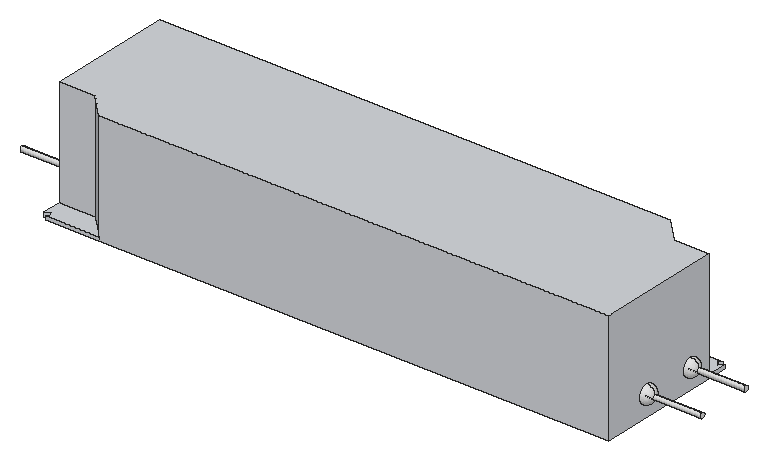
Revit family "LM6012", category Luminarias, Revit 2019
Family settings
  Cota de conector redondo = Diámetro de uso
  Tipo de pieza = Normal
  Se basa en plano de trabajo = Sí
  Siempre vertical = No
  Corte con vacíos al cargar = No
  Origen de luz = No
  Compartido = Sí
  Punto de cálculo de habitación = No
Parameters (values of type "FUENTE_LM6012")
  Keynote = ""
  Modelo = "LM6012"
  Lamp = ""
  Fabricante = "BRILLANT"
  Default Elevation = 1219.2 mm
  Descripción = "FUENTE DE ALIMENTACION CON UNA CAPACIDAD DE 60W (CONSIDERAR 45-50W), ALIMENTACION ENTRADA 100-240VAC/50-60Hz, SALIDA 12VDC, 5A, TEMPERATURA DE OPERACIÓN: 30-70C, DIMENSIONES DE 162X42.5X32MM, IP 67."
  Comentarios de vataje = "12//100-240V"
Reference planes
  plane 1 "Centro (Frontal/Posterior)": y = 0
  plane 2: z = 0
  plane 3 "Centro (Izquierda/Derecha)": x = 0
  plane 4: x = -81
  plane 5: x = 81
  plane 6: y = 21.25
  plane 7: y = -21.25
  plane 8: z = 32
Forms (mm)
  Extrusion 1, solid
    sketch origin (0, 0, 0) x (1, 0, 0) y (0, 1, 0)
      loop
        line (81, 14.696) -> (81, 20.293) -> (79.688, 19.374) -> (78.789, 20.659) -> (79.633, 21.25) -> (64.452, 21.25) -> (71.006, 14.696) -> (81, 14.696)
      loop
        line (-81, -14.696) -> (-81, -20.293) -> (-79.688, -19.374) -> (-78.789, -20.659) -> (-79.633, -21.25) -> (-64.452, -21.25) -> (-71.006, -14.696) -> (-81, -14.696)
    from 0 to 1.098
  Extrusion 2, solid
    sketch origin (0, 0, 0) x (1, 0, 0) y (0, 1, 0)
      loop
        line (-81, 21.25) -> (-81, -14.696) -> (-71.006, -14.696) -> (-64.452, -21.25) -> (81, -21.25) -> (81, 14.696) -> (71.006, 14.696) -> (64.452, 21.25) -> (-81, 21.25)
    from 0 to 32
  Revolve 3, solid, material "acabado blanco"
    sketch origin (0, 7.828, -9.817) x (-1, 0, 0) y (0, 0, -1)
      loop
        arc (83.559, -16) -> (82.81, -14.19) -> (81, -13.441) r 2.559
        line (81, -13.441) -> (81, -16) -> (83.559, -16)
      axis (81, -16) -> (83.559, -16)
    angle from 0 to 360
  Extrusion 4, solid, material "acabado blanco"
    sketch origin (-45.154, -0.033, 35.65) x (0, 0, 1) y (0, 1, 0)
      loop
        circle (-29.467, 7.861) r 0.691
    from 35.846 to 51.979
  Revolve 5, solid, material "acabado blanco"
    sketch origin (0, -7.828, -9.817) x (-1, 0, 0) y (0, 0, 1)
      loop
        line (83.559, 16) -> (81, 16) -> (81, 13.441)
        arc (81, 13.441) -> (82.81, 14.19) -> (83.559, 16) r 2.559
      axis (81, 16) -> (83.559, 16)
    angle from 0 to 360
  Extrusion 6, solid, material "acabado blanco"
    sketch origin (-45.154, 0.033, 35.65) x (0, 0, 1) y (0, 1, 0)
      loop
        circle (-29.467, -7.861) r 0.691
    from 35.846 to 51.979
  Revolve 7, solid, material "acabado blanco"
    sketch origin (0, 7.828, -9.817) x (1, 0, 0) y (0, 0, 1)
      loop
        line (83.559, 16) -> (81, 16) -> (81, 13.441)
        arc (81, 13.441) -> (82.81, 14.19) -> (83.559, 16) r 2.559
      axis (81, 16) -> (83.559, 16)
    angle from 0 to 360
  Extrusion 8, solid, material "acabado blanco"
    sketch origin (45.154, -0.033, 35.65) x (0, 0, 1) y (0, -1, 0)
      loop
        circle (-29.467, -7.861) r 0.691
    from 35.846 to 51.979
  Revolve 9, solid, material "acabado blanco"
    sketch origin (0, -7.828, -9.817) x (1, 0, 0) y (0, 0, -1)
      loop
        arc (83.559, -16) -> (82.81, -14.19) -> (81, -13.441) r 2.559
        line (81, -13.441) -> (81, -16) -> (83.559, -16)
      axis (81, -16) -> (83.559, -16)
    angle from 0 to 360
  Extrusion 10, solid, material "acabado blanco"
    sketch origin (45.154, 0.033, 35.65) x (0, 0, 1) y (0, -1, 0)
      loop
        circle (-29.467, 7.861) r 0.691
    from 35.846 to 51.979
Dimensions and locks
  equal spacing: plane 4, plane 3 "Centro (Izquierda/Derecha)", plane 5
  plane 4 to plane 3 "Centro (Izquierda/Derecha)" = 81 mm
  plane 4 to plane 5 = 162 mm
  equal spacing: plane 6, plane 1 "Centro (Frontal/Posterior)", plane 7
  plane 8 to level = 32 mm
  plane 1 "Centro (Frontal/Posterior)" to plane 6 = 21.25 mm
  plane 6 to plane 7 = 42.5 mm
  plane 5 to plane 4 = 162 mm
  aligned and locked: level to plane 2
  aligned and locked: plane 8 to Extrusion 2
Automatic sketch dimensions
  Extrusion 1 sketch curve to plane 4 = 0 mm
  Extrusion 1 sketch curve to plane 7 = 0 mm
  Extrusion 1 sketch curve to plane 6 = 0 mm
  Extrusion 1 sketch curve to plane 5 = 0 mm
  plane 4 to Extrusion 1 sketch curve = 1.312 mm
  plane 4 to Extrusion 1 sketch curve = 1.367 mm
  plane 7 to Extrusion 1 sketch curve = 0.591 mm
  Extrusion 1 sketch curve to Extrusion 1 sketch curve = 0.845 mm  (x2)
  Extrusion 1 sketch curve to Extrusion 1 sketch curve = 7.783 mm
  Extrusion 1 sketch curve to Extrusion 1 sketch curve = 6.554 mm  (x2)
  Extrusion 1 sketch curve to plane 5 = 16.548 mm
  Extrusion 1 sketch curve to plane 6 = 0.591 mm
  Extrusion 1 sketch curve to plane 5 = 2.211 mm
  Extrusion 1 sketch curve to plane 5 = 1.312 mm
  plane 7 to Extrusion 1 sketch curve = 6.554 mm
  Extrusion 1 sketch curve to plane 6 = 6.554 mm
  Extrusion 2 sketch curve to plane 4 = 0 mm
  Extrusion 2 sketch curve to plane 7 = 0 mm
  Extrusion 2 sketch curve to plane 6 = 0 mm
  Extrusion 2 sketch curve to plane 5 = 0 mm
  Extrusion 2 sketch curve to Extrusion 2 sketch curve = 9.994 mm
  Extrusion 2 sketch curve to Extrusion 2 sketch curve = 6.554 mm  (x2)
  Extrusion 2 sketch curve to plane 5 = 16.548 mm
  plane 7 to Extrusion 2 sketch curve = 6.554 mm
  Extrusion 2 sketch curve to plane 6 = 6.554 mm
  Revolve 3 sketch curve to plane 4 = 0 mm
  Revolve 3 sketch curve to plane 4 = 2.559 mm
  level to Revolve 3 sketch curve = 6.183 mm
  Revolve 3 sketch curve to Revolve 3 sketch curve = 0.593 mm
  Revolve 3 sketch curve to Revolve 3 sketch curve = 5.218 mm
  Revolve 3 sketch curve to Revolve 3 sketch curve = 0 mm
  level to Extrusion 4 sketch curve = 6.183 mm
  Extrusion 4 sketch curve to plane 1 "Centro (Frontal/Posterior)" = 7.828 mm
  Revolve 5 sketch curve to plane 4 = 0 mm
  Revolve 5 sketch curve to plane 4 = 2.559 mm
  level to Revolve 5 sketch curve = 3.624 mm
  Revolve 5 sketch curve to Revolve 5 sketch curve = 0.593 mm
  Revolve 5 sketch curve to Revolve 5 sketch curve = 5.218 mm
  Revolve 5 sketch curve to Revolve 5 sketch curve = 0 mm
  level to Extrusion 6 sketch curve = 6.183 mm
  plane 1 "Centro (Frontal/Posterior)" to Extrusion 6 sketch curve = 7.828 mm
  Revolve 7 sketch curve to plane 5 = 0 mm
  plane 5 to Revolve 7 sketch curve = 2.559 mm
  level to Revolve 7 sketch curve = 3.624 mm
  Revolve 7 sketch curve to Revolve 7 sketch curve = 0.593 mm
  Revolve 7 sketch curve to Revolve 7 sketch curve = 5.218 mm
  Revolve 7 sketch curve to Revolve 7 sketch curve = 0 mm
  level to Extrusion 8 sketch curve = 6.183 mm
  Extrusion 8 sketch curve to plane 1 "Centro (Frontal/Posterior)" = 7.828 mm
  Revolve 9 sketch curve to plane 5 = 0 mm
  plane 5 to Revolve 9 sketch curve = 2.559 mm
  level to Revolve 9 sketch curve = 6.183 mm
  Revolve 9 sketch curve to Revolve 9 sketch curve = 0.593 mm
  Revolve 9 sketch curve to Revolve 9 sketch curve = 5.218 mm
  Revolve 9 sketch curve to Revolve 9 sketch curve = 0 mm
  level to Extrusion 10 sketch curve = 6.183 mm
  plane 1 "Centro (Frontal/Posterior)" to Extrusion 10 sketch curve = 7.828 mm
  radius of Extrusion 4 sketch curve = 0.691 mm
  radius of Extrusion 6 sketch curve = 0.691 mm
  radius of Extrusion 8 sketch curve = 0.691 mm
  radius of Extrusion 10 sketch curve = 0.691 mm
Connectors
  electrical at (81, -3.277, 16)
    settings: on Extrusion 2, index 1, voltage 240 V, apparent load 0 VA, apparent load phase1 0 VA, apparent load phase2 0 VA, apparent load phase3 0 VA, power factor 1, load classification "Otro", number of poles 1, system type 31, power factor state 1, is connector primary yes, connector utility no, sub classification motor no, connector description ""
  electrical at (-81, 3.277, 16)
    settings: on Extrusion 2, index 2, voltage 12 V, apparent load 0 VA, apparent load phase1 0 VA, apparent load phase2 0 VA, apparent load phase3 0 VA, power factor 1, load classification "Otro", number of poles 1, system type 31, power factor state 1, is connector primary no, connector utility no, sub classification motor no, connector description ""
